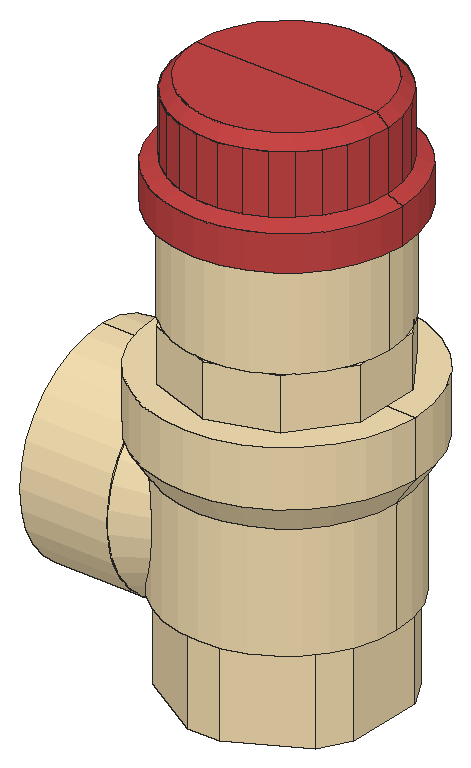
Revit family "2", category Pipe Accessories, Revit 2018
Family settings
  Round Connector Dimension = Use Diameter
  Part Type = Normal
  OmniClass Number = 23.65.00.00
  OmniClass Title = Supply and Distribution of Liquids and Gases
  Work Plane-Based = No
  Always vertical = No
  Cut with Voids When Loaded = No
  Shared = No
Parameters (values of type "Defauly - please load Revit Family Type Catalog")
  length Connrector = 35 mm
  Youtube clip = ""
  Weight Net (Kg) = ""
  Uniformat II Description = "HVAC"  # constant formula
  Uniformat II Code = "D30"  # constant formula
  Uniclass 2015 Name = "Heating, cooling and refrigeration systems"  # constant formula
  Uniclass 2015 Code = "Ss_60"  # constant formula
  Uniclass 2.0 Description = "Automatic Air Vents"  # constant formula
  Uniclass 2.0 Code = "PR-55-34-05"  # constant formula
  Uniclass 1.4 Description = "Heating systems"  # constant formula
  Uniclass 1.4 Code = "JT10"  # constant formula
  URL = "www.pintossi.it"
  UNSPSC Code = "401446"  # constant formula
  Tolerance = "10% for valves with pre-set pressure <5bar. 0,5 bar for valves with pre-set pressure >5bar"  # constant formula
  Technical description = ""
  Region South America = "All"  # constant formula
  Region Oceania = "All"  # constant formula
  Region North America = "All"  # constant formula
  Region Middle East = "All"  # constant formula
  Region Europe = "All"  # constant formula
  Region Asia = "All"  # constant formula
  Region Antarctica = "All"  # constant formula
  Region Africa = "All"  # constant formula
  QR code = "https://www.bimobject.com/pintossi/product/581-female-safety-valve"
  Product url = ""
  Product group = "SYSTEMS-SAFETY-VALVES"  # constant formula
  Product family = "COMPONENTS-FOR-CENTRAL-HEATING-SYSTEMS"  # constant formula
  Product data url = "https://www.bimobject.com/pintossi/product/581-female-safety-valve"
  Product certification = ""
  Product SKU = "581-FEMALE-SAFETY-VALVE"  # constant formula
  Product Guid = "9d0fdbec-e921-4dcd-9137-0e7e1bdf3134"  # constant formula
  Pressure of setting = 3.0 bar
  PH: = "Between 7 and 8"  # constant formula
  Opening overpressure = "10%"  # constant formula
  OmniClass Description = "Valves"  # constant formula
  OmniClass Code = "23-27 31 00"  # constant formula
  NBS Reference Description = "Automatic Air Vents"  # constant formula
  NBS Reference Code = "55-34-05"  # constant formula
  Model = "581 FEMALE SAFETY VALVE"  # constant formula
  Maximum working temperature = 100 °C  # constant formula
  Maximum working pressure = 10.0 bar  # constant formula
  Maximum percentage of glycol [%] = 30  # constant formula
  Maximum discharge pressure = 0.0 bar
  Material secondary = ""
  Material main = ""
  Material Polimer = Pintossi - Plastic - Red
  Material Gaskets = Pintossi - Rubber - NBR
  Material Body = Pintossi - Metal - Brass CW617N
  Masterformat 2014 Description = "Ventilating, and Air contitioning (HVAC)"  # constant formula
  Masterformat 2014 Code = "23 00 00"  # constant formula
  Mass = 0.00 kg
  Manufacturer country = "Italy"  # constant formula
  Manufacturer = "pintossi+C"  # constant formula
  Main Inlet/Outlet Diameter = 25.4 mm
  Iron (FE): = "< 0,5 mg/kg (< 0,1 mg/kg for steam)"  # constant formula
  Installation instructions = ""
  Inlet/Outlet Diameter = 25.4 mm
  IFC Classification = "Valve"  # constant formula
  Height Connector = 29.5 mm
  Generator Potential (kW) = 500
  G = 73.9 mm
  Fluid aspect: = "Limpid"  # constant formula
  Flow rate of discharge (kg/h) = 860
  F = 29.5 mm
  Edition number = 0
  EAN code = ""
  E = 35 mm
  Design country = "Italy"  # constant formula
  Description = "Pintossi+C safety relief valve is designed in order to open automatically when the internal pressure of the system exceeds a pre-set maximum pressure value, by discharging the fluid throught it. Once the pressure of the system returns below the pre-set maximum value the safety valve closes automatically. This safety feature prevents reaching dangerous pressure levels which may damage and affect the components installed in the system.\r\n\r\nThanks to the ergonomic handwheel the valve can be manually open anytime, for checking the correct functioning\r\n\r\nPintossi+C safety relief valves are designed in compliance with the essential safety requirements stipulated in the EU Pressure Equipment Directive PED 2014/68/EU (Pressure Equipment Directive) and marked with CE logo. WRAS certified.\r\n\r\nAvailable with manomter gauge art.583"  # constant formula
  Date of publishing = ""
  Cross section = 0.004909 m³
  Copper (CU): = "< 0,1 mg/kg (< 0,05 mg/kg for steam)"  # constant formula
  Conditioning: = "as indicated by the producer"  # constant formula
  Coeff. of outflow (K) = 0.87
  Closing tolerance = "20%"  # constant formula
  COBIe Type Category = ""
  C = 0 mm
  Brand url = "www.pintossi.it"
  BIMobject category = "HVAC:Other HVAC"  # constant formula
  D = 0 mm
  Application fluids = "Water or glycol solutions"  # constant formula
  Antifreeze: = "Passiveted Propylene Glycol"  # constant formula
  3/4 = no
  1/2 = no
  1 = yes
Reference planes
  plane 1 "Center (Front/Back)": y = 0
  plane 2: z = 0
  plane 3 "Center (Left/Right)": x = 0
  plane 4: x = -32.969
  plane 5: x = -35
  plane 6: z = 29.5
Forms (mm)
  Revolve 1, solid, material "Pintossi - Metal - Brass CW617N" <- "Material Body", visible <- "1", detail levels fine
    sketch origin (0, 0, 29.5) x (1, 0, 0) y (0, 0, 1)
      loop
        line (0, 34.2) -> (19.5, 34.2) -> (19.5, 52.8) -> (0, 52.8) -> (0, 34.2)
      axis (0, 52.8) -> (0, 34.2)
    angle from 0 to 360
  Revolve 2, solid, material "Pintossi - Plastic - Red" <- "Material Polimer", visible <- "1", detail levels fine
    sketch origin (0, 0, 29.5) x (1, 0, 0) y (0, 0, 1)
      loop
        line (0, 52.8) -> (21.971, 52.8) -> (21.971, 59.46) -> (19.163, 60.709) -> (0, 60.709) -> (0, 52.8)
      loop
        line (19.117, 71.844) -> (17.061, 73.9) -> (0, 73.9) -> (0, 71.844) -> (19.117, 71.844)
      axis (0, 52.8) -> (0, 73.9)
    angle from 0 to 360
  Revolve 3, solid, material "Pintossi - Metal - Brass CW617N" <- "Material Body", visible <- "1", detail levels fine
    sketch origin (0, 0, 29.5) x (1, 0, 0) y (0, 0, 1)
      loop
        line (-35.005, 12.7) -> (-26.58, 12.7) -> (-26.58, 0) -> (-18.479, 0) -> (-18.479, 19.616) -> (-35.005, 19.616) -> (-35.005, 12.7)
      axis (-18.479, 0) -> (-35.005, 0)
    angle from 0 to 360
  Extrusion 4, solid, material "Pintossi - Metal - Brass CW617N" <- "Material Body", visible <- "1", detail levels fine
    sketch origin (-1.25, 0, 54) x (-1, 0, 0) y (0, -1, 0)
      loop
        line (-1.251, -20.004) -> (10.507, -16.184) -> (17.774, -6.181) -> (17.774, 6.182) -> (10.507, 16.184) -> (-1.251, 20.004) -> (-13.01, 16.184) -> (-20.276, 6.182) -> (-20.276, -6.181) -> (-13.01, -16.184) -> (-1.251, -20.004)
    from 0 to 9.7
  Extrusion 5, solid, material "Pintossi - Metal - Brass CW617N" <- "Material Body", visible <- "1", detail levels fine
    sketch origin (0, 0, 16.695) x (-1, 0, 0) y (0, -1, 0)
      loop
        line (3.054, -19.7) -> (15.536, -12.494) -> (18.587, -7.209) -> (18.587, 7.204) -> (15.532, 12.496) -> (3.054, 19.7) -> (-3.057, 19.7) -> (-15.53, 12.499) -> (-18.59, 7.199) -> (-18.59, -7.199) -> (-15.53, -12.499) -> (-3.057, -19.7) -> (3.054, -19.7)
      loop
        circle (-0.001, 0) r 12.7
    from 0 to -16.695
  Revolve 6, solid, material "Pintossi - Metal - Brass CW617N" <- "Material Body", visible <- "1", detail levels fine
    sketch origin (0, 0, 29.5) x (1, 0, 0) y (0, 0, 1)
      loop
        line (0, 13.908) -> (24.5, 13.908) -> (24.5, 24.5) -> (0, 24.5) -> (0, 13.908)
      axis (0, 13.908) -> (0, 24.5)
    angle from 0 to 360
  Revolve 7, solid, material "Pintossi - Metal - Brass CW617N" <- "Material Body", visible <- "1", detail levels fine
    sketch origin (0, 0, 29.5) x (1, 0, 0) y (0, 0, 1)
      loop
        line (0, -12.973) -> (21, -12.973) -> (21, 8.719) -> (0, 8.719) -> (0, -12.973)
      axis (0, -12.973) -> (0, 8.719)
    angle from 0 to 360
  SweptBlend 8, solid, material "Pintossi - Metal - Brass CW617N" <- "Material Body", visible <- "1", detail levels fine
    path origin (0, 0, 29.5) x (1, 0, 0) y (0, 0, 1)
      loop
        line (0, 8.719) -> (0, 13.908)
    profile origin (0, 0, 38.219) x (-1, 0, 0) y (0, -1, 0)
      loop
        circle (0, 0) r 21
    end profile origin (0, 0, 43.408) x (-1, 0, 0) y (0, -1, 0)
      loop
        circle (0, 0) r 24.5
  SweptBlend 9, solid, material "Pintossi - Metal - Brass CW617N" <- "Material Body", visible <- "1", detail levels fine
    path origin (0, 0, 29.5) x (1, 0, 0) y (0, 0, 1)
      loop
        line (-18.479, 0) -> (-7.152, 0)
    profile origin (-18.479, 0, 29.5) x (0, 0, 1) y (0, -1, 0)
      loop
        circle (0, 0) r 19.616
    end profile origin (-7.152, 0, 29.5) x (0, 0, 1) y (0, -1, 0)
      loop
        circle (0, 0) r 15
  Extrusion 10, solid, material "Pintossi - Metal - Brass CW617N" <- "Material Body", visible <- "3/4", detail levels fine
    sketch origin (0, 0, 26.133) x (0, 1, 0) y (0, 0, 1)
      loop
        circle (0, 3.343) r 9.55
    from -23.382 to -10.931
  Revolve 11, solid, material "Pintossi - Metal - Brass CW617N" <- "Material Body", visible <- "3/4", detail levels fine
    sketch origin (0, 0, 28) x (1, 0, 0) y (0, 0, 1)
      loop
        line (13.798, -28) -> (13.798, -15.663) -> (14.64, -13.857) -> (14.64, 5.693)
        spline (14.64, 5.693) -> (14.661, 6.136) -> (14.725, 6.581) -> (14.835, 7.015) -> (14.993, 7.43) -> (15.2, 7.814) -> (15.46, 8.157) -> (15.765, 8.462) -> (16.091, 8.753) -> (16.413, 9.061) -> (16.705, 9.414) -> (16.94, 9.84) -> (17.094, 10.368)
        line (17.094, 10.368) -> (17.094, 19.741) -> (0, 19.741) -> (0, -20.08) -> (9.55, -20.08) -> (9.55, -28) -> (13.798, -28)
      axis (0, -28) -> (0, 19.741)
    angle from 0 to 360
  Revolve 12, solid, material "Pintossi - Metal - Brass CW617N" <- "Material Body", visible <- "3/4", detail levels fine
    sketch origin (-0.02, 0, 26.125) x (1, 0, 0) y (0, 0, 1)
      loop
        line (-34.981, 16.449) -> (-34.981, 12.916) -> (-2.42, 12.916) -> (-2.42, 17.057)
        arc (-2.42, 17.057) -> (-3.762, 16.603) -> (-5.171, 16.449) r 6.526
        line (-5.171, 16.449) -> (-34.981, 16.449)
      axis (-34.981, 3.343) -> (-2.42, 3.343)
    angle from 0 to 360
  Extrusion 13, solid, material "Pintossi - Metal - Brass CW617N" <- "Material Body", visible <- "3/4", detail levels fine
    sketch origin (0, 0, 14.143) x (-1, 0, 0) y (0, -1, 0)
      loop
        line (0.728, -10.58) -> (8.805, -5.917) -> (9.523, -4.672) -> (9.523, 4.672) -> (8.813, 5.903) -> (0.712, 10.58) -> (-0.709, 10.58) -> (-8.81, 5.903) -> (-9.521, 4.672) -> (-9.521, -4.672) -> (-8.802, -5.917) -> (-0.726, -10.58) -> (0.728, -10.58)
    from 30.452 to 36.646
  Extrusion 14, solid, material "Pintossi - Plastic - Red" <- "Material Polimer", visible <- "3/4", detail levels fine
    sketch origin (0, 0, 14.143) x (-1, 0, 0) y (0, -1, 0)
      loop
        line (-1.929, -13.739) -> (0.969, -13.84) -> (3.824, -13.337) -> (6.513, -12.251) -> (8.916, -10.629) -> (10.931, -8.544) -> (12.467, -6.085) -> (13.459, -3.36) -> (13.862, -0.489) -> (13.66, 2.404) -> (12.861, 5.191) -> (11.5, 7.751) -> (9.636, 9.972) -> (7.351, 11.757) -> (4.745, 13.028) -> (1.932, 13.73) -> (-0.966, 13.831) -> (-3.822, 13.327) -> (-6.51, 12.241) -> (-8.914, 10.62) -> (-10.928, 8.534) -> (-12.464, 6.075) -> (-13.456, 3.35) -> (-13.86, 0.479) -> (-13.657, -2.413) -> (-12.858, -5.2) -> (-11.497, -7.761) -> (-9.633, -9.982) -> (-7.348, -11.767) -> (-4.742, -13.038) -> (-1.929, -13.739)
    from 36.646 to 55.518
  Extrusion 15, solid, material "Pintossi - Metal - Brass CW617N" <- "Material Body", visible <- "3/4", detail levels fine
    sketch origin (0, 0, 14.143) x (-1, 0, 0) y (0, -1, 0)
      loop
        circle (0.001, -0.005) r 11.786
    from 28.398 to 30.452
  Revolve 16, solid, material "Pintossi - Plastic - Red" <- "Material Polimer", visible <- "3/4", detail levels fine
    sketch origin (0, 0, 28) x (1, 0, 0) y (0, 0, 1)
      loop
        line (-0.001, 41.661) -> (-0.001, 47.943) -> (-6.26, 47.943)
        arc (-6.26, 47.943) -> (-7.045, 47.686) -> (-7.527, 47.016) r 1.329
        line (-7.527, 47.016) -> (-9.227, 41.661) -> (-0.001, 41.661)
      axis (0, 47.943) -> (0, 41.661)
    angle from 0 to 360
  Extrusion 17, solid, material "Pintossi - Plastic - Red" <- "Material Polimer", visible <- "1", detail levels fine
    sketch origin (0, 0, 16.695) x (-1, 0, 0) y (0, -1, 0)
      loop
        line (-5.714, -18.293) -> (-1.785, -19.081) -> (2.221, -19.035) -> (6.13, -18.157) -> (9.771, -16.486) -> (12.985, -14.094) -> (15.632, -11.086) -> (17.595, -7.594) -> (18.79, -3.769) -> (19.163, 0.22) -> (18.699, 4.199) -> (17.417, 7.995) -> (15.375, 11.442) -> (12.66, 14.388) -> (9.392, 16.706) -> (5.713, 18.294) -> (1.785, 19.082) -> (-2.221, 19.036) -> (-6.13, 18.158) -> (-9.771, 16.487) -> (-12.986, 14.095) -> (-15.632, 11.087) -> (-17.596, 7.595) -> (-18.79, 3.771) -> (-19.163, -0.218) -> (-18.699, -4.198) -> (-17.418, -7.994) -> (-15.375, -11.441) -> (-12.66, -14.387) -> (-9.392, -16.705) -> (-5.714, -18.293)
    from 84.649 to 73.514
  Revolve 18, solid, material "Pintossi - Metal - Brass CW617N" <- "Material Body", visible <- "1/2", detail levels fine
    sketch origin (0.001, 0, 21) x (1, 0, 0) y (0, 0, 1)
      loop
        line (0, 27.689) -> (0, 25.586) -> (13, 25.586) -> (13, 27.689) -> (0, 27.689)
      axis (0, 27.689) -> (0, 25.586)
    angle from 0 to 360
  Revolve 19, solid, material "Pintossi - Metal - Brass CW617N" <- "Material Body", visible <- "1/2", detail levels fine
    sketch origin (0.001, 0, 21) x (1, 0, 0) y (0, 0, 1)
      loop
        line (-35, 21.116) -> (-35, 14.85) -> (-28.4, 14.85) -> (-28.4, 8.5) -> (-23.479, 8.5) -> (-23.479, 21.116) -> (-35, 21.116)
      axis (-35, 8.5) -> (-23.479, 8.5)
    angle from 0 to 360
  Revolve 20, solid, material "Pintossi - Metal - Brass CW617N" <- "Material Body", visible <- "1/2", detail levels fine
    sketch origin (0.001, 0, 21) x (1, 0, 0) y (0, 0, 1)
      loop
        line (0, 16.039) -> (15.5, 16.039) -> (15.5, 25.586) -> (0, 25.586) -> (0, 16.039)
      axis (0, 16.039) -> (0, 25.586)
    angle from 0 to 360
  Revolve 21, solid, material "Pintossi - Metal - Brass CW617N" <- "Material Body", visible <- "1/2", detail levels fine
    sketch origin (0.001, 0, 21) x (1, 0, 0) y (0, 0, 1)
      loop
        line (0, -1.16) -> (12.2, -1.16) -> (12.2, 12.884) -> (0, 12.884) -> (0, -1.16)
      axis (0, 12.884) -> (0, -1.16)
    angle from 0 to 360
  SweptBlend 22, solid, material "Pintossi - Metal - Brass CW617N" <- "Material Body", visible <- "1/2", detail levels fine
    path origin (0.001, 0, 21) x (1, 0, 0) y (0, 0, 1)
      loop
        line (0, 4.309) -> (0, 7.535)
    profile origin (0.001, 0, 25.309) x (-1, 0, 0) y (0, -1, 0)
      loop
        circle (0, 0) r 12.2
    end profile origin (0.001, 0, 28.535) x (-1, 0, 0) y (0, -1, 0)
      loop
        circle (0, 0) r 15.5
  SweptBlend 23, solid, material "Pintossi - Metal - Brass CW617N" <- "Material Body", visible <- "1/2", detail levels fine
    path origin (0.001, 0, 21) x (1, 0, 0) y (0, 0, 1)
      loop
        line (-18.479, 0) -> (-7.152, 0)
    profile origin (-18.478, 0, 21) x (0, 0, 1) y (0, -1, 0)
      loop
        circle (0, 0) r 12.616
    end profile origin (-7.151, 0, 21) x (0, 0, 1) y (0, -1, 0)
      loop
        circle (0, 0) r 9.5
  Sweep 24, solid, material "Pintossi - Metal - Brass CW617N" <- "Material Body", visible <- "1/2", detail levels fine
    path origin (0.001, 0, 21) x (1, 0, 0) y (0, 0, 1)
      loop
        line (0, -9.66) -> (0, -21)
    profile origin (0.001, 0, 5.67) x (0, -1, 0) y (1, 0, 0)
      loop
        line (-12.5, -7.217) -> (0, -14.434) -> (12.5, -7.217) -> (12.5, 7.217) -> (0, 14.434) -> (-12.5, 7.217) -> (-12.5, -7.217)
      loop
        circle (0, 0) r 6.35
  Extrusion 25, solid, material "Pintossi - Plastic - Red" <- "Material Polimer", visible <- "1/2", detail levels fine
    sketch origin (0.937, 0, -12.805) x (-1, 0, 0) y (0, -1, 0)
      loop
        line (0.95, -14.119) -> (3.885, -13.811) -> (6.693, -12.899) -> (9.249, -11.423) -> (11.443, -9.448) -> (13.178, -7.06) -> (14.378, -4.363) -> (14.992, -1.476) -> (14.992, 1.476) -> (14.378, 4.364) -> (13.178, 7.06) -> (11.443, 9.448) -> (9.249, 11.423) -> (6.693, 12.899) -> (3.885, 13.812) -> (0.95, 14.12) -> (-1.986, 13.812) -> (-4.793, 12.899) -> (-7.35, 11.423) -> (-9.543, 9.448) -> (-11.278, 7.06) -> (-12.479, 4.364) -> (-13.093, 1.476) -> (-13.093, -1.476) -> (-12.479, -4.363) -> (-11.278, -7.06) -> (-9.543, -9.448) -> (-7.35, -11.423) -> (-4.793, -12.899) -> (-1.986, -13.811) -> (0.95, -14.119)
    from 53.02 to 69.805
  Sweep 26, solid, not visible
    path origin (0, 0, 0) x (1, 0, 0) y (0, 0, 1)
      loop
        line (-35, 29.5) -> (-32.969, 29.5)
    profile origin (-33.984, 0, 29.5) x (0, 0, 1) y (0, -1, 0)
      loop
        circle (0, 0) r 9.55
Cuts and joins
  joined: Revolve 1, Extrusion 4, Extrusion 5, Revolve 6, Revolve 7, SweptBlend 8
  joined: Revolve 20, Revolve 21, SweptBlend 22, Sweep 24
Lines and regions (mm)
  model lines, visible <- "1", detail levels coarse+medium
    curve 1: line (0, 0, 38) -> (0, 0, 103.4)
    curve 2: line (2.852, 0, 94.436) -> (-2.604, 0, 91.286)
    curve 3: line (1.468, 0, 96.833) -> (-2.072, 0, 94.789)
    curve 4: line (0.715, 0, 99.157) -> (-1.052, 0, 98.138)
  symbolic lines
    curve 5: line (-0.001, 0.005, 0) -> (-32.001, 12.505, 0)
    curve 6: line (-32.001, -12.495, 0) -> (-0.001, 0.005, 0)
    curve 7: line (-0.001, 0.005, 0) -> (-12.501, -29.995, 0)
    curve 8: line (-12.501, -29.995, 0) -> (12.499, -29.995, 0)
    curve 9: line (12.499, -29.995, 0) -> (-0.001, 0.005, 0)
    curve 10: line (-0.001, 0.005, 0) -> (-0.001, 30.005, 0)
    curve 11: line (-32.001, 12.505, 0) -> (-32.001, -12.495, 0)
    curve 12: line (1.059, 24.633, 0) -> (-1.062, 26.754, 0)
    curve 13: line (-2.123, 24.68, 0) -> (2.12, 20.437, 0)
    curve 14: line (-2.83, 22.149, 0) -> (2.827, 16.492, 0)
    curve 15: line (-3.537, 19.526, 0) -> (3.534, 12.455, 0)
  model lines, detail levels coarse+medium
    curve 16: line (-35, 0, 57.616) -> (0, 0, 38)
    curve 17: line (-35, 0, 9.884) -> (0, 0, 38)
    curve 18: line (-35, 0, 57.616) -> (-35, 0, 9.884)
    curve 19: line (0, 0, 38) -> (-23.236, 0, 0)
    curve 20: line (-23.236, 0, 0) -> (20.736, 0, 0)
    curve 21: line (20.736, 0, 0) -> (0, 0, 38)
  model lines, visible <- "3/4", detail levels coarse+medium
    curve 22: line (0, 0, 38) -> (0, 0, 84.443)
    curve 23: line (2.852, 0, 70.686) -> (-2.604, 0, 67.536)
    curve 24: line (1.468, 0, 73.083) -> (-2.072, 0, 71.039)
    curve 25: line (0.715, 0, 75.407) -> (-1.052, 0, 74.388)
  model lines, visible <- "1/2", detail levels coarse+medium
    curve 26: line (0, 0, 38) -> (0, 0, 65.62)
    curve 27: line (2.852, 0, 61.311) -> (-2.604, 0, 58.161)
    curve 28: line (1.468, 0, 63.708) -> (-2.072, 0, 61.664)
    curve 29: line (0, 0, 65.62) -> (-1.052, 0, 65.013)
Dimensions and locks
  Revolve 1 sketch curve to Revolve 1 sketch curve = 19.5 mm
  profile plane to SweptBlend 9 sketch curve = 15 mm
  Revolve 18 sketch curve to Revolve 18 sketch curve = 13 mm
  Revolve 20 sketch curve to Revolve 20 sketch curve = 15.5 mm
  Revolve 21 sketch curve to Revolve 21 sketch curve = 12.2 mm
  locked: plane 5 to plane 4 at 2.031
  "Height Connector": plane 6 to level
  "length Connrector": plane 5 to plane 3 "Center (Left/Right)"
  radius of Sweep 26 sketch curve = 9.55 mm
  radius of Extrusion 10 sketch curve = 9.55 mm
  aligned and locked: level to plane 2
  aligned and locked: plane 3 "Center (Left/Right)" to Revolve 1 sketch curve
  aligned and locked: Revolve 6 sketch curve to plane 3 "Center (Left/Right)"
  aligned and locked: plane 3 "Center (Left/Right)" to Revolve 6 sketch curve
  aligned and locked: Revolve 7 sketch curve to plane 3 "Center (Left/Right)"
  aligned and locked: Revolve 7 sketch curve to Revolve 7 sketch curve
  aligned and locked: plane 3 "Center (Left/Right)" to SweptBlend 8 sketch curve
  aligned and locked: SweptBlend 8 sketch curve to Revolve 6
  aligned and locked: SweptBlend 8 sketch curve to Revolve 7  (x2)
  aligned and locked: curve 1 to Revolve 2
  aligned and locked: Revolve 21 sketch curve to Revolve 21 sketch curve
  aligned and locked: SweptBlend 22 sketch curve to Revolve 20
  aligned and locked: SweptBlend 22 sketch curve to Revolve 21  (x2)
  aligned and locked: Sweep 26 sketch curve to plane 6
  aligned and locked: plane 5 to Sweep 26 sketch curve
  aligned and locked: plane 4 to Sweep 26 sketch curve
Automatic sketch dimensions
  curve 5 to plane 1 "Center (Front/Back)" = 12.505 mm
  curve 5 to plane 3 "Center (Left/Right)" = 32.001 mm
  curve 8 to plane 3 "Center (Left/Right)" = 12.501 mm
  curve 9 to plane 3 "Center (Left/Right)" = 0.001 mm
  plane 3 "Center (Left/Right)" to curve 8 = 12.499 mm
  curve 10 to plane 1 "Center (Front/Back)" = 0.005 mm
  plane 1 "Center (Front/Back)" to curve 11 = 12.495 mm
  plane 1 "Center (Front/Back)" to curve 9 = 29.995 mm
  curve 15 to plane 3 "Center (Left/Right)" = 3.537 mm
  curve 15 to curve 14 = 0.707 mm
  curve 13 to plane 3 "Center (Left/Right)" = 2.123 mm
  curve 12 to plane 3 "Center (Left/Right)" = 1.062 mm
  plane 3 "Center (Left/Right)" to curve 12 = 1.059 mm
  plane 3 "Center (Left/Right)" to curve 13 = 2.12 mm
  plane 3 "Center (Left/Right)" to curve 14 = 2.827 mm
  plane 3 "Center (Left/Right)" to curve 15 = 3.534 mm
  curve 15 to plane 1 "Center (Front/Back)" = 12.455 mm
  curve 15 to curve 14 = 4.037 mm
  curve 14 to curve 15 = 3.034 mm
  curve 14 to curve 13 = 3.945 mm
  curve 15 to curve 14 = 2.623 mm
  curve 13 to curve 12 = 4.195 mm
  curve 14 to curve 13 = 2.531 mm
  curve 13 to curve 12 = 2.074 mm
  curve 12 to curve 10 = 3.251 mm
  Revolve 1 sketch curve to plane 3 "Center (Left/Right)" = 0 mm
  level to Revolve 1 sketch curve = 63.7 mm
  Revolve 1 sketch curve to Revolve 1 sketch curve = 18.6 mm
  Revolve 1 sketch curve to Revolve 1 sketch curve = 10.254 mm
  Revolve 1 sketch curve to Revolve 1 sketch curve = 11.316 mm
  Revolve 2 sketch curve to plane 3 "Center (Left/Right)" = 0 mm  (x3)
  Revolve 2 sketch curve to Revolve 2 sketch curve = 17.061 mm
  Revolve 2 sketch curve to Revolve 2 sketch curve = 2.056 mm  (x2)
  Revolve 2 sketch curve to Revolve 2 sketch curve = 0.047 mm
  Revolve 2 sketch curve to Revolve 2 sketch curve = 2.807 mm
  level to Revolve 2 sketch curve = 82.3 mm
  Revolve 2 sketch curve to Revolve 2 sketch curve = 6.66 mm
  Revolve 2 sketch curve to Revolve 2 sketch curve = 7.909 mm
  Revolve 2 sketch curve to Revolve 2 sketch curve = 11.135 mm
  Revolve 2 sketch curve to Revolve 2 sketch curve = 14.873 mm
  Revolve 2 sketch curve to Revolve 2 sketch curve = 6.098 mm
  plane 1 "Center (Front/Back)" to Extrusion 4 sketch curve = 6.182 mm  (x2)
  plane 3 "Center (Left/Right)" to Extrusion 4 sketch curve = 19.026 mm
  plane 3 "Center (Left/Right)" to Extrusion 4 sketch curve = 11.759 mm  (x2)
  plane 3 "Center (Left/Right)" to Extrusion 4 sketch curve = 0.001 mm  (x2)
  Extrusion 4 sketch curve to plane 3 "Center (Left/Right)" = 11.757 mm  (x2)
  Extrusion 4 sketch curve to Extrusion 4 sketch curve = 7.267 mm
  Extrusion 4 sketch curve to plane 1 "Center (Front/Back)" = 6.181 mm  (x2)
  Extrusion 4 sketch curve to Extrusion 4 sketch curve = 10.002 mm  (x4)
  Extrusion 4 sketch curve to Extrusion 4 sketch curve = 3.82 mm  (x2)
  level to SweptBlend 8 sketch curve = 38.219 mm
  SweptBlend 8 sketch curve to SweptBlend 8 sketch curve = 5.189 mm
  SweptBlend 9 sketch curve to plane 3 "Center (Left/Right)" = 7.152 mm
  level to SweptBlend 9 sketch curve = 29.5 mm
  SweptBlend 9 sketch curve to plane 1 "Center (Front/Back)" = 0 mm  (x2)
  profile plane to SweptBlend 9 sketch curve = 0 mm  (x2)
  Extrusion 13 sketch curve to plane 1 "Center (Front/Back)" = 4.672 mm
  plane 3 "Center (Left/Right)" to Extrusion 13 sketch curve = 9.521 mm
  Extrusion 13 sketch curve to Extrusion 13 sketch curve = 0.71 mm
  Extrusion 13 sketch curve to Extrusion 13 sketch curve = 0.719 mm  (x2)
  plane 3 "Center (Left/Right)" to Extrusion 13 sketch curve = 0.726 mm
  plane 3 "Center (Left/Right)" to Extrusion 13 sketch curve = 0.709 mm
  Extrusion 13 sketch curve to plane 3 "Center (Left/Right)" = 0.712 mm
  Extrusion 13 sketch curve to plane 3 "Center (Left/Right)" = 0.728 mm
  Extrusion 13 sketch curve to plane 3 "Center (Left/Right)" = 8.805 mm
  Extrusion 13 sketch curve to plane 3 "Center (Left/Right)" = 8.813 mm
  Extrusion 13 sketch curve to Extrusion 13 sketch curve = 1.245 mm  (x2)
  Extrusion 13 sketch curve to plane 1 "Center (Front/Back)" = 5.917 mm
  Extrusion 13 sketch curve to Extrusion 13 sketch curve = 4.663 mm
  plane 1 "Center (Front/Back)" to Extrusion 13 sketch curve = 4.672 mm  (x2)
  Extrusion 13 sketch curve to Extrusion 13 sketch curve = 1.23 mm  (x2)
  Extrusion 13 sketch curve to Extrusion 13 sketch curve = 4.677 mm
  plane 1 "Center (Front/Back)" to Extrusion 14 sketch curve = 0.479 mm
  plane 3 "Center (Left/Right)" to Extrusion 14 sketch curve = 13.86 mm
  Extrusion 14 sketch curve to plane 1 "Center (Front/Back)" = 2.413 mm
  Extrusion 14 sketch curve to Extrusion 14 sketch curve = 0.202 mm
  plane 1 "Center (Front/Back)" to Extrusion 14 sketch curve = 3.35 mm
  Extrusion 14 sketch curve to Extrusion 14 sketch curve = 0.404 mm  (x2)
  Extrusion 14 sketch curve to plane 1 "Center (Front/Back)" = 5.2 mm
  Extrusion 14 sketch curve to Extrusion 14 sketch curve = 0.799 mm  (x2)
  plane 1 "Center (Front/Back)" to Extrusion 14 sketch curve = 6.075 mm
  Extrusion 14 sketch curve to Extrusion 14 sketch curve = 0.992 mm  (x2)
  Extrusion 14 sketch curve to Extrusion 14 sketch curve = 1.361 mm  (x2)
  Extrusion 14 sketch curve to Extrusion 14 sketch curve = 1.537 mm  (x2)
  Extrusion 14 sketch curve to Extrusion 14 sketch curve = 1.864 mm  (x2)
  Extrusion 14 sketch curve to Extrusion 14 sketch curve = 2.014 mm  (x2)
  Extrusion 14 sketch curve to Extrusion 14 sketch curve = 2.285 mm  (x2)
  Extrusion 14 sketch curve to Extrusion 14 sketch curve = 2.404 mm  (x2)
  Extrusion 14 sketch curve to Extrusion 14 sketch curve = 2.606 mm  (x2)
  Extrusion 14 sketch curve to Extrusion 14 sketch curve = 2.688 mm  (x2)
  plane 3 "Center (Left/Right)" to Extrusion 14 sketch curve = 1.929 mm
  plane 3 "Center (Left/Right)" to Extrusion 14 sketch curve = 0.966 mm
  Extrusion 14 sketch curve to plane 3 "Center (Left/Right)" = 0.969 mm
  Extrusion 14 sketch curve to plane 3 "Center (Left/Right)" = 1.932 mm
  Extrusion 14 sketch curve to Extrusion 14 sketch curve = 2.855 mm
  Extrusion 14 sketch curve to Extrusion 14 sketch curve = 2.813 mm
  Extrusion 14 sketch curve to plane 1 "Center (Front/Back)" = 6.085 mm
  plane 1 "Center (Front/Back)" to Extrusion 14 sketch curve = 5.191 mm
  Extrusion 14 sketch curve to plane 1 "Center (Front/Back)" = 3.36 mm
  plane 1 "Center (Front/Back)" to Extrusion 14 sketch curve = 2.404 mm
  Extrusion 14 sketch curve to plane 1 "Center (Front/Back)" = 0.489 mm
  Extrusion 14 sketch curve to Extrusion 14 sketch curve = 2.56 mm  (x2)
  Extrusion 14 sketch curve to Extrusion 14 sketch curve = 2.459 mm  (x2)
  Extrusion 14 sketch curve to Extrusion 14 sketch curve = 2.221 mm  (x2)
  Extrusion 14 sketch curve to Extrusion 14 sketch curve = 2.086 mm  (x2)
  Extrusion 14 sketch curve to Extrusion 14 sketch curve = 1.785 mm  (x2)
  Extrusion 14 sketch curve to Extrusion 14 sketch curve = 1.621 mm  (x2)
  Extrusion 14 sketch curve to Extrusion 14 sketch curve = 1.271 mm  (x2)
  Extrusion 14 sketch curve to Extrusion 14 sketch curve = 1.086 mm  (x2)
  Extrusion 14 sketch curve to Extrusion 14 sketch curve = 0.701 mm  (x2)
  Extrusion 14 sketch curve to Extrusion 14 sketch curve = 0.503 mm  (x2)
  Extrusion 15 sketch curve to plane 3 "Center (Left/Right)" = 0.001 mm
  Extrusion 15 sketch curve to plane 1 "Center (Front/Back)" = 0.005 mm
  Revolve 16 sketch curve to plane 3 "Center (Left/Right)" = 0 mm
  Revolve 16 sketch curve to plane 3 "Center (Left/Right)" = 0.001 mm
  Revolve 16 sketch curve to Revolve 16 sketch curve = 6.259 mm
  Revolve 16 sketch curve to Revolve 16 sketch curve = 1.267 mm
  Revolve 16 sketch curve to Revolve 16 sketch curve = 1.699 mm
  level to Revolve 16 sketch curve = 69.661 mm
  Revolve 16 sketch curve to Revolve 16 sketch curve = 4.953 mm
  Revolve 16 sketch curve to Revolve 16 sketch curve = 0.402 mm
  Revolve 16 sketch curve to Revolve 16 sketch curve = 0.672 mm
  Revolve 16 sketch curve to Revolve 16 sketch curve = 2.405 mm
  Extrusion 17 sketch curve to plane 1 "Center (Front/Back)" = 0.218 mm
  plane 3 "Center (Left/Right)" to Extrusion 17 sketch curve = 19.163 mm
  plane 1 "Center (Front/Back)" to Extrusion 17 sketch curve = 3.771 mm
  Extrusion 17 sketch curve to Extrusion 17 sketch curve = 0.373 mm  (x2)
  Extrusion 17 sketch curve to plane 1 "Center (Front/Back)" = 4.198 mm
  Extrusion 17 sketch curve to Extrusion 17 sketch curve = 0.464 mm
  plane 1 "Center (Front/Back)" to Extrusion 17 sketch curve = 7.595 mm
  Extrusion 17 sketch curve to Extrusion 17 sketch curve = 1.194 mm  (x2)
  Extrusion 17 sketch curve to plane 1 "Center (Front/Back)" = 7.994 mm
  Extrusion 17 sketch curve to Extrusion 17 sketch curve = 1.282 mm  (x2)
  Extrusion 17 sketch curve to Extrusion 17 sketch curve = 1.963 mm  (x2)
  Extrusion 17 sketch curve to Extrusion 17 sketch curve = 2.043 mm  (x2)
  Extrusion 17 sketch curve to Extrusion 17 sketch curve = 2.647 mm  (x2)
  Extrusion 17 sketch curve to Extrusion 17 sketch curve = 2.715 mm  (x2)
  Extrusion 17 sketch curve to Extrusion 17 sketch curve = 3.214 mm  (x2)
  Extrusion 17 sketch curve to Extrusion 17 sketch curve = 3.268 mm  (x2)
  Extrusion 17 sketch curve to Extrusion 17 sketch curve = 3.641 mm  (x2)
  Extrusion 17 sketch curve to Extrusion 17 sketch curve = 3.678 mm  (x2)
  plane 3 "Center (Left/Right)" to Extrusion 17 sketch curve = 2.221 mm
  plane 3 "Center (Left/Right)" to Extrusion 17 sketch curve = 1.785 mm
  Extrusion 17 sketch curve to plane 3 "Center (Left/Right)" = 1.785 mm
  Extrusion 17 sketch curve to plane 3 "Center (Left/Right)" = 2.221 mm
  Extrusion 17 sketch curve to Extrusion 17 sketch curve = 3.928 mm
  Extrusion 17 sketch curve to Extrusion 17 sketch curve = 3.909 mm
  plane 1 "Center (Front/Back)" to Extrusion 17 sketch curve = 7.995 mm
  Extrusion 17 sketch curve to plane 1 "Center (Front/Back)" = 7.594 mm
  plane 1 "Center (Front/Back)" to Extrusion 17 sketch curve = 4.199 mm
  Extrusion 17 sketch curve to plane 1 "Center (Front/Back)" = 3.769 mm
  plane 1 "Center (Front/Back)" to Extrusion 17 sketch curve = 0.22 mm
  Extrusion 17 sketch curve to Extrusion 17 sketch curve = 3.492 mm  (x2)
  Extrusion 17 sketch curve to Extrusion 17 sketch curve = 3.447 mm  (x2)
  Extrusion 17 sketch curve to Extrusion 17 sketch curve = 3.008 mm  (x2)
  Extrusion 17 sketch curve to Extrusion 17 sketch curve = 2.947 mm  (x2)
  Extrusion 17 sketch curve to Extrusion 17 sketch curve = 2.392 mm  (x2)
  Extrusion 17 sketch curve to Extrusion 17 sketch curve = 2.318 mm  (x2)
  Extrusion 17 sketch curve to Extrusion 17 sketch curve = 1.671 mm  (x2)
  Extrusion 17 sketch curve to Extrusion 17 sketch curve = 1.588 mm  (x2)
  Extrusion 17 sketch curve to Extrusion 17 sketch curve = 0.878 mm  (x2)
  Extrusion 17 sketch curve to Extrusion 17 sketch curve = 0.046 mm
  Extrusion 17 sketch curve to Extrusion 17 sketch curve = 0.788 mm
  plane 3 "Center (Left/Right)" to SweptBlend 22 sketch curve = 0.001 mm
  level to SweptBlend 22 sketch curve = 25.309 mm
  SweptBlend 22 sketch curve to SweptBlend 22 sketch curve = 3.226 mm
  SweptBlend 23 sketch curve to plane 3 "Center (Left/Right)" = 18.478 mm
  SweptBlend 23 sketch curve to plane 3 "Center (Left/Right)" = 7.151 mm
  level to SweptBlend 23 sketch curve = 21 mm
  SweptBlend 23 sketch curve to SweptBlend 23 sketch curve = 0 mm  (x2)
  SweptBlend 23 sketch curve to profile plane = 0 mm  (x2)
  profile plane to SweptBlend 23 sketch curve = 0 mm  (x2)
  profile plane to SweptBlend 23 sketch curve = 12.616 mm
  Sweep 24 sketch curve to level = 0 mm
  plane 3 "Center (Left/Right)" to Sweep 24 sketch curve = 0.001 mm
  level to Sweep 24 sketch curve = 11.34 mm
  Extrusion 25 sketch curve to plane 1 "Center (Front/Back)" = 1.476 mm  (x2)
  plane 3 "Center (Left/Right)" to Extrusion 25 sketch curve = 14.03 mm
  plane 1 "Center (Front/Back)" to Extrusion 25 sketch curve = 4.364 mm  (x2)
  Extrusion 25 sketch curve to Extrusion 25 sketch curve = 0.614 mm  (x3)
  Extrusion 25 sketch curve to plane 1 "Center (Front/Back)" = 4.363 mm  (x2)
  Extrusion 25 sketch curve to Extrusion 25 sketch curve = 1.201 mm  (x4)
  Extrusion 25 sketch curve to Extrusion 25 sketch curve = 1.735 mm  (x4)
  Extrusion 25 sketch curve to Extrusion 25 sketch curve = 2.194 mm  (x4)
  Extrusion 25 sketch curve to Extrusion 25 sketch curve = 2.556 mm  (x4)
  plane 3 "Center (Left/Right)" to Extrusion 25 sketch curve = 2.923 mm  (x2)
  Extrusion 25 sketch curve to plane 3 "Center (Left/Right)" = 0.012 mm  (x2)
  Extrusion 25 sketch curve to plane 3 "Center (Left/Right)" = 2.948 mm  (x2)
  Extrusion 25 sketch curve to Extrusion 25 sketch curve = 2.807 mm  (x2)
  Extrusion 25 sketch curve to Extrusion 25 sketch curve = 2.697 mm  (x4)
  Extrusion 25 sketch curve to Extrusion 25 sketch curve = 2.388 mm  (x4)
  Extrusion 25 sketch curve to Extrusion 25 sketch curve = 1.975 mm  (x4)
  Extrusion 25 sketch curve to Extrusion 25 sketch curve = 1.476 mm  (x4)
  Extrusion 25 sketch curve to Extrusion 25 sketch curve = 0.912 mm  (x4)
  Extrusion 25 sketch curve to Extrusion 25 sketch curve = 0.309 mm  (x2)
  plane 1 "Center (Front/Back)" to Extrusion 25 sketch curve = 1.476 mm  (x2)
  plane 1 "Center (Front/Back)" to SweptBlend 8 sketch curve = 0 mm  (x2)
  profile plane to SweptBlend 22 sketch curve = 0 mm  (x2)
  plane 5 to Revolve 12 sketch curve = 0 mm
  Revolve 12 sketch curve to plane 3 "Center (Left/Right)" = 5.19 mm
  Revolve 12 sketch curve to plane 3 "Center (Left/Right)" = 2.439 mm
  plane 6 to Revolve 12 sketch curve = 9.541 mm
  Revolve 12 sketch curve to Revolve 12 sketch curve = 3.533 mm
  Revolve 12 sketch curve to Revolve 12 sketch curve = 0.608 mm
  Revolve 12 sketch curve to plane 6 = 0.032 mm
  plane 5 to Revolve 12 sketch curve = 2.255 mm
  plane 4 to Revolve 12 sketch curve = 4.549 mm
  plane 5 to curve 18 = 0 mm
  curve 20 to level = 0 mm
  curve 26 to plane 3 "Center (Left/Right)" = 0 mm
  plane 4 to curve 20 = 9.733 mm
  plane 3 "Center (Left/Right)" to curve 21 = 20.736 mm
  level to curve 17 = 9.884 mm
  plane 6 to curve 26 = 8.5 mm
  plane 6 to curve 16 = 28.116 mm
  curve 2 to plane 3 "Center (Left/Right)" = 2.604 mm
  curve 23 to plane 3 "Center (Left/Right)" = 2.604 mm
  curve 27 to plane 3 "Center (Left/Right)" = 2.604 mm
  curve 3 to plane 3 "Center (Left/Right)" = 2.072 mm
  curve 28 to plane 3 "Center (Left/Right)" = 2.072 mm
  curve 24 to plane 3 "Center (Left/Right)" = 2.072 mm
  curve 29 to plane 3 "Center (Left/Right)" = 1.052 mm
  curve 25 to plane 3 "Center (Left/Right)" = 1.052 mm
  curve 4 to plane 3 "Center (Left/Right)" = 1.052 mm
  plane 3 "Center (Left/Right)" to curve 25 = 0.715 mm
  plane 3 "Center (Left/Right)" to curve 4 = 0.715 mm
  plane 3 "Center (Left/Right)" to curve 28 = 1.468 mm
  plane 3 "Center (Left/Right)" to curve 3 = 1.468 mm
  plane 3 "Center (Left/Right)" to curve 24 = 1.468 mm
  curve 28 to curve 27 = 1.384 mm
  curve 24 to curve 23 = 1.384 mm
  curve 3 to curve 2 = 1.384 mm
  curve 1 to curve 27 = 20.161 mm
  curve 27 to curve 27 = 3.15 mm
  curve 27 to curve 28 = 3.503 mm
  curve 27 to curve 28 = 2.397 mm
  curve 28 to curve 29 = 1.304 mm
  curve 29 to curve 26 = 0.607 mm
  curve 29 to curve 23 = 2.524 mm
  curve 29 to curve 23 = 5.067 mm
  curve 23 to curve 24 = 3.503 mm
  curve 23 to curve 24 = 2.397 mm
  curve 24 to curve 25 = 1.304 mm
  curve 25 to curve 25 = 1.02 mm
  curve 25 to curve 22 = 9.036 mm
  curve 22 to curve 2 = 6.843 mm
  curve 2 to curve 2 = 3.15 mm
  curve 2 to curve 3 = 3.503 mm
  curve 2 to curve 3 = 2.397 mm
  curve 3 to curve 4 = 1.304 mm
  curve 4 to curve 4 = 1.02 mm
  level to Revolve 7 sketch curve = 16.527 mm
  plane 6 to Revolve 7 sketch curve = 8.719 mm
  plane 6 to Revolve 7 sketch curve = 1.648 mm
  Revolve 7 sketch curve to Revolve 7 sketch curve = 0.825 mm
  plane 3 "Center (Left/Right)" to Revolve 18 sketch curve = 0.001 mm
  Revolve 18 sketch curve to Revolve 18 sketch curve = 13 mm
  plane 6 to Revolve 18 sketch curve = 17.086 mm
  Revolve 18 sketch curve to Revolve 18 sketch curve = 2.103 mm
  plane 6 to Revolve 18 sketch curve = 7.916 mm
  Revolve 18 sketch curve to plane 6 = 2.22 mm
  plane 3 "Center (Left/Right)" to Revolve 20 sketch curve = 0.001 mm  (x2)
  plane 6 to Revolve 20 sketch curve = 7.539 mm
  Revolve 20 sketch curve to Revolve 20 sketch curve = 9.546 mm
  Revolve 20 sketch curve to plane 6 = 3.539 mm
  Revolve 20 sketch curve to Revolve 20 sketch curve = 4.961 mm
  plane 3 "Center (Left/Right)" to Revolve 21 sketch curve = 0.001 mm
  Revolve 21 sketch curve to plane 6 = 9.66 mm
  plane 6 to Revolve 21 sketch curve = 4.384 mm
  Revolve 21 sketch curve to Revolve 21 sketch curve = 4.643 mm
  Revolve 21 sketch curve to Revolve 21 sketch curve = 0.499 mm
  Extrusion 10 sketch curve to plane 1 "Center (Front/Back)" = 0 mm
  Extrusion 10 sketch curve to plane 6 = 0.024 mm
  Sweep 26 sketch curve to plane 1 "Center (Front/Back)" = 0 mm
  profile plane to Sweep 26 sketch curve = 0 mm
  SweptBlend 9 sketch curve to SweptBlend 9 sketch curve = 11.326 mm
  SweptBlend 9 sketch curve to SweptBlend 9 sketch curve = 0 mm  (x2)
  profile plane to SweptBlend 9 sketch curve = 19.616 mm
  Revolve 6 sketch curve to plane 6 = 0 mm
  plane 6 to Revolve 6 sketch curve = 13.908 mm
  plane 3 "Center (Left/Right)" to Revolve 6 sketch curve = 24.5 mm
  Revolve 6 sketch curve to Revolve 6 sketch curve = 10.592 mm
  Revolve 6 sketch curve to Revolve 6 sketch curve = 4.537 mm
  plane 3 "Center (Left/Right)" to Revolve 7 sketch curve = 21 mm
  Revolve 3 sketch curve to plane 6 = 0 mm  (x2)
  plane 5 to Revolve 3 sketch curve = 0.005 mm
  plane 4 to Revolve 3 sketch curve = 6.388 mm
  Revolve 3 sketch curve to Revolve 3 sketch curve = 8.102 mm
  plane 6 to Revolve 3 sketch curve = 12.7 mm
  Revolve 3 sketch curve to Revolve 3 sketch curve = 6.916 mm
  plane 5 to Revolve 3 sketch curve = 1.124 mm
  Revolve 3 sketch curve to plane 3 "Center (Left/Right)" = 6.905 mm
  Revolve 19 sketch curve to plane 6 = 0 mm  (x2)
  Revolve 19 sketch curve to plane 5 = 0.001 mm
  plane 4 to Revolve 19 sketch curve = 4.57 mm
  Revolve 19 sketch curve to Revolve 19 sketch curve = 4.921 mm
  plane 6 to Revolve 19 sketch curve = 6.35 mm
  Revolve 19 sketch curve to Revolve 19 sketch curve = 6.266 mm
  Revolve 19 sketch curve to plane 4 = 0.962 mm
  Revolve 19 sketch curve to Revolve 19 sketch curve = 4.547 mm
  profile plane to Sweep 24 sketch curve = 0 mm  (x3)
  Sweep 24 sketch curve to profile plane = 0 mm
  Sweep 24 sketch curve to profile plane = 12.5 mm
  profile plane to Sweep 24 sketch curve = 12.5 mm
  profile plane to Sweep 24 sketch curve = 7.217 mm  (x2)
  Sweep 24 sketch curve to Sweep 24 sketch curve = 7.217 mm  (x2)
  Sweep 24 sketch curve to profile plane = 7.217 mm  (x2)
  plane 1 "Center (Front/Back)" to Extrusion 5 sketch curve = 0 mm
  plane 1 "Center (Front/Back)" to Extrusion 5 sketch curve = 7.199 mm
  plane 3 "Center (Left/Right)" to Extrusion 5 sketch curve = 18.59 mm
  Extrusion 5 sketch curve to Extrusion 5 sketch curve = 3.059 mm  (x2)
  plane 3 "Center (Left/Right)" to Extrusion 5 sketch curve = 3.057 mm  (x2)
  plane 3 "Center (Left/Right)" to Extrusion 5 sketch curve = 0.001 mm
  Extrusion 5 sketch curve to plane 3 "Center (Left/Right)" = 3.054 mm  (x2)
  Extrusion 5 sketch curve to Extrusion 5 sketch curve = 12.478 mm
  Extrusion 5 sketch curve to Extrusion 5 sketch curve = 12.482 mm
  Extrusion 5 sketch curve to Extrusion 5 sketch curve = 3.051 mm
  Extrusion 5 sketch curve to plane 1 "Center (Front/Back)" = 7.199 mm
  Extrusion 5 sketch curve to plane 1 "Center (Front/Back)" = 7.209 mm
  Extrusion 5 sketch curve to Extrusion 5 sketch curve = 5.284 mm
  Extrusion 5 sketch curve to Extrusion 5 sketch curve = 5.299 mm  (x2)
  Extrusion 5 sketch curve to Extrusion 5 sketch curve = 7.207 mm
  plane 1 "Center (Front/Back)" to Extrusion 5 sketch curve = 7.204 mm
  Extrusion 5 sketch curve to Extrusion 5 sketch curve = 5.292 mm
  Extrusion 5 sketch curve to Extrusion 5 sketch curve = 7.202 mm
  Revolve 11 sketch curve to plane 3 "Center (Left/Right)" = 0 mm  (x2)
  Revolve 11 sketch curve to level = 0 mm
  Revolve 11 sketch curve to Revolve 11 sketch curve = 9.55 mm
  Revolve 11 sketch curve to Revolve 11 sketch curve = 4.248 mm
  Revolve 11 sketch curve to Revolve 11 sketch curve = 0.842 mm
  Revolve 11 sketch curve to Revolve 11 sketch curve = 2.454 mm
  Revolve 11 sketch curve to Revolve 11 sketch curve = 7.92 mm
  Revolve 11 sketch curve to Revolve 11 sketch curve = 4.417 mm
  Revolve 11 sketch curve to Revolve 11 sketch curve = 1.806 mm
  plane 6 to Revolve 11 sketch curve = 4.193 mm
  Revolve 11 sketch curve to Revolve 11 sketch curve = 4.675 mm
  plane 6 to Revolve 11 sketch curve = 18.241 mm
  Revolve 11 sketch curve to level = 8.234 mm
  Revolve 11 sketch curve to Revolve 11 sketch curve = 0.541 mm
  radius of Extrusion 15 sketch curve = 11.786 mm
  radius of SweptBlend 23 sketch curve = 9.5 mm
  radius of Sweep 24 sketch curve = 6.35 mm
  radius of Extrusion 5 sketch curve = 12.7 mm
Connectors
  piping at (-35, 0, 29.5), diameter 25.4, driven by "Main Inlet/Outlet Diameter"
    settings: on Sweep 26, index 1, connector inside diameter 609.6 mm, connector length 0 mm, flow factor 0, pipe flow 0.0 L/s, pressure drop 0.0 bar, fitting loss kfactor 0, connector angle 0.00°, fixture units 0, engagement length 0 mm, angle of deflection 0.00°, flow configuration 0, flow direction 0, fitting loss method 0, system type 29, joint type 0, gender type 0, connector reference index -1, connector utility 0, adjustable connector no, is connector primary yes, connector description ""
  piping at (0.001, 0, 0), diameter 25.4, driven by "Inlet/Outlet Diameter"
    settings: on cut or joined group of Revolve 20, Revolve 21, SweptBlend 22, Sweep 24, index 2, connector inside diameter 609.6 mm, connector length 0 mm, flow factor 0, pipe flow 0.0 L/s, pressure drop 0.0 bar, fitting loss kfactor 0, connector angle 0.00°, fixture units 0, engagement length 0 mm, angle of deflection 0.00°, flow configuration 0, flow direction 0, fitting loss method 0, system type 29, joint type 0, gender type 0, connector reference index -1, connector utility 0, adjustable connector no, is connector primary no, connector description ""
